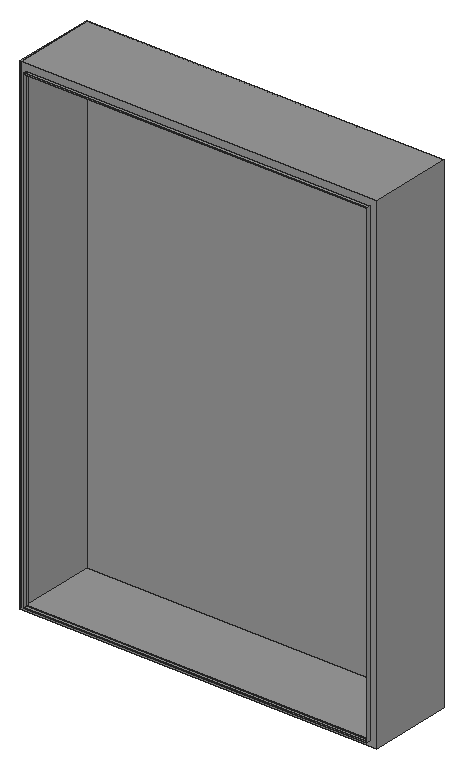
Revit family "Hager-Univers-IP30-D205-H1100-Cl.II-Encl-NoHosted-NL-en", category Equipement électrique, Revit 2020
Family settings
  Configuration du panneau = Deux colonnes, circuits au sein
  Cote de connecteur circulaire = Utiliser le diamètre
  Type d'élément = Tableau de raccordement
  Basée sur le plan de construction = Oui
  Toujours verticalement = Oui
  Couper avec des vides une fois chargée = Non
  Partagée = Non
  Point de calcul de pièce = Non
Parameters (values of type "Surface mounted (plaster) IP30 W800 H1100 D205  - FP73Q1S")
  Width Control [instance] = if([EF000008 - Width] > Min Width, [EF000008 - Width], Min Width)  # 800 mm
  Commentaires du type = [HG000003 - Range]  # "Univers"
  Thickness Door [instance] = if([EF009171 - Material plate thickness door/cover] > 3 mm, 3 mm, [EF009171 - Material plate thickness door/cover])  # 1 mm
  Seal Frame Offset [instance] = 17 mm  # constant formula
  Plinth Visibility [instance] = [HG000027 - Plinth height] > 0 mm  # no
  Min Width [instance] = 100 mm  # constant formula
  Min Depth [instance] = (2 * [EF009170 - Material plate thickness cabinet]) + 1 mm  # 3 mm
  Min Height [instance] = 100 mm  # constant formula
  Internal Frame Depth [instance] = (Door System Depth * 0.5)  # 9 mm
  Panel Name [instance] = ""  # (empty or 0)
  Model = ""
  HG000027 - Plinth height = 0 mm
  HG000026 - Floor standing = no
  HG000024 - Bottom section height = 600 mm
  HG000023 - Double section enclosure = no
  HG000016 - Door 3d visibility [instance] = yes
  HG000015 - Clearance visibility [instance] = no
  HG000014 - Door on the right [instance] = yes
  HG000013 - Door on the left [instance] = not([HG000014 - Door on the right])  # no
  HG000012 - Door swing angle [instance] = 30.00°
  HG000010 - Asymmetric doors = no
  HG000009 - Double swing door = no
  HG000006 - Flush mounted = no
  HG000004 - Manufacturer reference = "FP73Q1S"
  HG000003 - Range = "Univers"
  HG000002 - With door or cover = no
  Frame Offset Bottom [instance] = 10 mm  # constant formula
  Frame Offset [instance] = 15 mm  # constant formula
  EF015940 - Cover with overpressure release = no
  EF011959 - Degree of protection (NEMA) = ""
  EF009554 - Number of openings for flange plates = 6
  EF009212 - Cover model = "EV009916 - With notch"
  EF009171 - Material plate thickness door/cover = 1 mm
  EF009170 - Material plate thickness cabinet = 1 mm
  EF008873 - Nominal current (In) = 250 A
  EF007800 - Suitable for lightning protection = no
  EF006306 - With lock = no
  EF006244 - Transparent cover/door = no
  EF005474 - Degree of protection (IP) = "EV006410 - IP30"
  EF004464 - Type of door = "EV000494 - None"
  EF004427 - Number of modules = 252
  EF004293 - Impact strength = "EV006813 - IK07"
  EF003532 - Suitable for outdoor use = no
  EF002950 - Width in number of modular spacings = 36
  EF001613 - Circuit integrity = "EV000494 - None"
  EF001596 - Material housing = "EV000179 - Steel"
  EF001131 - Internal depth = 130 mm
  EF001088 - Extension possible = yes
  EF000437 - Number of conduit inlets = 6
  EF000339 - Type of cover = "EV000494 - None"
  EF000266 - Number of rows = 7
  EF000218 - Built-in depth = 0 mm
  EF000118 - With mounting plate = no
  EF000116 - RAL-number = "9010"
  EF000049 - Depth = 205 mm
  EF000040 - Height = 1100 mm
  EF000008 - Width = 800 mm
  EF000007 - Colour = "EV000202 - White"
  EF000003 - Mounting method = "EV000384 - Surface mounted (plaster)"
  Door System Leaf Tolerance [instance] = 1.5 mm  # constant formula
  Door System Depth [instance] = 18 mm  # constant formula
  Door Height [instance] = Height Control - [HG000027 - Plinth height]  # 1100 mm
  Description = ""
  Default Elevation = 1219.2 mm
  Connector Offset [instance] = Height Control / 2  # 550 mm
  Fabricant = "Hager"  # constant formula
  Height Control [instance] = if([EF000040 - Height] > Min Height, [EF000040 - Height], Min Height)  # 1100 mm
  Depth Control [instance] = if([EF000049 - Depth] > Min Depth, [EF000049 - Depth], Min Depth)  # 205 mm
  Bottom Top Plate Trim [instance] = 1.5 mm  # constant formula
  Plinth height Ctrl [instance] = if([HG000027 - Plinth height] > 0 mm, [HG000027 - Plinth height], 12 mm)  # 12 mm
Types (5, lengths in mm): name | Width Control | HG000004 - Manufacturer reference | EF009554 - Number of openings for flange plates | EF004427 - Number of modules | EF002950 - Width in number of modular spacings | EF000437 - Number of conduit inlets | EF000008 - Width
  Surface mounted (plaster) IP30 W1050 H1100 D205  - FP74Q1S | 1050 | "FP74Q1S" | 8 | 336 | 48 | 8 | 1050
  Surface mounted (plaster) IP30 W1300 H1100 D205  - FP75Q1S | 1300 | "FP75Q1S" | 10 | 420 | 60 | 10 | 1300
  Surface mounted (plaster) IP30 W300 H1100 D205  - FP71Q1S | 300 | "FP71Q1S" | 2 | 84 | 12 | 2 | 300
  Surface mounted (plaster) IP30 W550 H1100 D205  - FP72Q1S | 550 | "FP72Q1S" | 4 | 168 | 24 | 4 | 550
  Surface mounted (plaster) IP30 W800 H1100 D205  - FP73Q1S | 800 | "FP73Q1S" | 6 | 252 | 36 | 6 | 800
Reference planes
  plane 1 "Center (Front/Back)": y = 0
  plane 2: z = 0
  plane 3 "Center (Left/Right)": x = 0
  plane 4: y = 0
  plane 5: y = 0
  plane 6: z = 0
  plane 7: x = -400
  plane 8: x = 400
  plane 9: x = 399
  plane 10: x = -399
  plane 11: z = 0
  plane 12: z = 1
  plane 13: y = -205
  plane 14: y = -1
  plane 15: x = 0
  plane 16: y = -187
  plane 17: y = -204
  plane 18: y = -186
  plane 19: x = -384
  plane 20: x = 384
  plane 21: z = 11
  plane 22: x = -383
  plane 23: x = 383
  plane 24: z = 0
  plane 25: z = 1100
  plane 26: z = 1100
  plane 27: z = 1084
  plane 28: z = 1099
Forms (mm)
  Extrusion 1, solid, material "Hager_Steel_RAL7035_Light_Grey", detail levels medium+fine
    sketch origin (-208.679, -4572, 0) x (-1, 0, 0) y (0, -1, 0)
      loop
        line (191.321, -4385) -> (-608.679, -4385) -> (-608.679, -4572) -> (191.321, -4572) -> (191.321, -4385)
    from 0 to 1100
  Extrusion 2, void
    sketch origin (-350.771, -205, 1219.2) x (1, 0, 0) y (0, 0, 1)
      loop
        line (-48.229, -120.2) -> (-48.229, -1218.2) -> (749.771, -1218.2) -> (749.771, -120.2) -> (-48.229, -120.2)
    from -19 to -204
  Extrusion 3, void
    sketch origin (-290.084, -187, 1219.2) x (1, 0, 0) y (0, 0, 1)
      loop
        line (-93.916, -1208.2) -> (674.084, -1208.2) -> (674.084, -135.2) -> (-93.916, -135.2) -> (-93.916, -1208.2)
    from 0 to -1
  Extrusion 4, solid, material "Hager_Steel_RAL7035_Light_Grey", visible <- "Plinth Visibility", detail levels medium+fine
    sketch origin (0, 0, 0) x (1, 0, 0) y (0, 1, 0)
      loop
        line (-400, 0) -> (-400, -187) -> (400, -187) -> (400, 0) -> (-400, 0)
    from 0 to 12 <- "Plinth height Ctrl"
  Extrusion 5, solid, material "Hager_Steel_RAL7035_Light_Grey", detail levels coarse
    sketch origin (0, 0, 0) x (1, 0, 0) y (0, 1, 0)
      loop
        line (-400, 0) -> (-400, -205) -> (400, -205) -> (400, 0) -> (-400, 0)
    from 0 to 1100 <- "Height Control"
  Sweep 6, void
    path in 3D
      loop
        line (-400, -187, 12) -> (400, -187, 12) -> (400, 0, 12) -> (-400, 0, 12) -> (-400, -187, 12)
    profile origin (-400, -93.5, 12) x (1, 0, 0) y (0, 0, 1)
      loop
        line (0, 0) -> (0, -1.5) -> (1.5, -1.5)
        arc (1.5, -1.5) -> (1.061, -0.439) -> (0, 0) r 1.5
  Extrusion 7, solid, material "Hager_Steel_RAL7035_Light_Grey", detail levels fine
    sketch origin (-400, -187, 0) x (1, 0, 0) y (0, 0, 1)
      loop
        line (16, 11) -> (784, 11) -> (784, 1084) -> (16, 1084) -> (16, 11)
      loop
        line (15, 10) -> (785, 10) -> (785, 1085) -> (15, 1085) -> (15, 10)
    from 0 to 9 <- "Internal Frame Depth"
Cuts and joins
  Extrusion 2, Extrusion 3 cuts Extrusion 1
  Sweep 6 cuts Extrusion 4
Lines and regions (mm)
  Masking region 1
    outline origin (0, 0, 0) x (1, 0, 0) y (0, 1, 0)
      loop
        line (-400, 0) -> (-400, -205) -> (400, -205) -> (400, 0) -> (-400, 0)
  Masking region 2, detail levels coarse
    outline origin (-290.084, -187, 1219.2) x (-1, 0, 0) y (0, 0, 1)
      loop
        line (-690.084, -1219.2) -> (109.916, -1219.2) -> (109.916, -119.2) -> (-690.084, -119.2) -> (-690.084, -1219.2)
  Masking region 3, detail levels coarse
    outline origin (0, 0, 0) x (0, 1, 0) y (0, 0, 1)
      loop
        line (0, 0) -> (0, 1100) -> (-205, 1100) -> (-205, 0) -> (0, 0)
  Masking region 4, visible <- "Plinth Visibility", detail levels medium+fine
    outline origin (0, 0, 0) x (0, 1, 0) y (0, 0, 1)
      loop
        line (-1.5, 12) -> (-185.5, 12)
        arc (-185.5, 12) -> (-185.939, 10.939) -> (-187, 10.5) r 1.5
        line (-187, 10.5) -> (-187, 0) -> (0, 0) -> (0, 10.5)
        arc (0, 10.5) -> (-1.061, 10.939) -> (-1.5, 12) r 1.5
  Masking region 5, detail levels medium+fine
    outline origin (0, 0, 594.038) x (0, 1, 0) y (0, 0, 1)
      loop
        line (0, -594.038) -> (0, 505.962) -> (-187, 505.962) -> (-187, -594.038) -> (0, -594.038)
  Masking region 6, detail levels medium+fine
    outline origin (-359.7, -187, 1211.883) x (-1, 0, 0) y (0, 0, 1)
      loop
        line (-759.7, -1211.883) -> (40.3, -1211.883) -> (40.3, -111.883) -> (-759.7, -111.883) -> (-759.7, -1211.883)
  Masking region 7, visible <- "Plinth Visibility", detail levels medium+fine
    outline origin (-320.334, -187, 1041.368) x (-1, 0, 0) y (0, 0, 1)
      loop
        line (-720.334, -1041.368) -> (79.666, -1041.368) -> (79.666, -1030.868)
        arc (79.666, -1030.868) -> (78.606, -1030.429) -> (78.166, -1029.368) r 1.5
        line (78.166, -1029.368) -> (-718.834, -1029.368)
        arc (-718.834, -1029.368) -> (-719.273, -1030.429) -> (-720.334, -1030.868) r 1.5
        line (-720.334, -1030.868) -> (-720.334, -1041.368)
  sketch lines
    curve 1: line (-400, 0, 12) -> (-400, -187, 12)
    curve 2: line (-400, -187, 12) -> (400, -187, 12)
    curve 3: line (400, 0, 12) -> (-400, 0, 12)
    curve 4: line (400, -187, 12) -> (400, 0, 12)
Dimensions and locks
  locked: plane 1 "Center (Front/Back)" to plane 5
  "EF009170 - Material plate thickness cabinet": plane 7 to plane 10
  "EF009170 - Material plate thickness cabinet": plane 8 to plane 9
  equal spacing: plane 7, plane 3 "Center (Left/Right)", plane 8
  "Width Control": plane 7 to plane 8
  "Depth Control": plane 4 to plane 13
  "EF009170 - Material plate thickness cabinet": plane 4 to plane 14
  "Height Control": plane 25 to level
  "HG000027 - Plinth height": plane 11 to level
  "EF009170 - Material plate thickness cabinet": plane 12 to plane 11
  "EF009170 - Material plate thickness cabinet": plane 17 to plane 13
  "EF009170 - Material plate thickness cabinet": plane 18 to plane 16
  "Frame Offset Bottom": plane 21 to plane 12
  "Frame Offset": plane 10 to plane 19
  "Frame Offset": plane 9 to plane 20
  "Door System Depth": plane 16 to plane 13
  "Seal Frame Offset": plane 7 to plane 22
  "Seal Frame Offset": plane 8 to plane 23
  "EF009170 - Material plate thickness cabinet": plane 26 to plane 28
  "Frame Offset": plane 28 to plane 27
  "Connector Offset": plane 2 to connector elem
  "Bottom Top Plate Trim": profile plane to Sweep 6 sketch curve
  "Bottom Top Plate Trim": Sweep 6 sketch curve to Sweep 6 sketch curve
  "Plinth height Ctrl": Masking region 4 sketch curve to level
  "Plinth height Ctrl": Masking region 7 sketch curve to level
  "Thickness Door": Extrusion 7 sketch curve to Extrusion 7 sketch curve  (x4)
  "Bottom Top Plate Trim": radius of Sweep 6 sketch curve
  "Bottom Top Plate Trim": radius of Masking region 4 sketch curve  (x2)
  "Bottom Top Plate Trim": radius of Masking region 7 sketch curve  (x2)
  aligned and locked: Extrusion 2 sketch curve to plane 12
  aligned and locked: Extrusion 2 sketch curve to plane 9
  aligned and locked: Extrusion 2 sketch curve to plane 10
  aligned and locked: Extrusion 2 to plane 14
  aligned and locked: Extrusion 1 sketch curve to plane 4
  aligned and locked: plane 8 to Extrusion 1 sketch curve
  aligned and locked: plane 7 to Extrusion 1 sketch curve
  aligned and locked: Extrusion 2 to plane 18
  aligned and locked: Extrusion 3 sketch curve to plane 19
  aligned and locked: plane 20 to Extrusion 3 sketch curve
  aligned and locked: Extrusion 3 to Extrusion 2
  aligned and locked: Extrusion 3 sketch curve to plane 21
  aligned and locked: plane 3 "Center (Left/Right)" to nested 1
  aligned and locked: Extrusion 1 sketch curve to plane 16
  aligned and locked: Extrusion 4 sketch curve to cut or joined group of Extrusion 1, Extrusion 2, Extrusion 3
  aligned and locked: Masking region 1 sketch curve to plane 7
  aligned and locked: Masking region 1 sketch curve to plane 5
  aligned and locked: Masking region 1 sketch curve to plane 8
  aligned and locked: Masking region 2 sketch curve to level
  aligned and locked: level to Masking region 3 sketch curve
  aligned and locked: plane 1 "Center (Front/Back)" to Masking region 3 sketch curve
  aligned and locked: plane 13 to Masking region 3 sketch curve
  aligned and locked: plane 5 to Masking region 4 sketch curve
  aligned and locked: Masking region 2 sketch curve to plane 8
  aligned and locked: Masking region 2 sketch curve to plane 7
  aligned and locked: plane 7 to nested 2
  aligned and locked: nested 2 to plane 5
  aligned and locked: plane 5 to Masking region 5 sketch curve
  aligned and locked: plane 26 to Masking region 5 sketch curve
  aligned and locked: Extrusion 5 sketch curve to plane 8
  aligned and locked: Extrusion 5 sketch curve to plane 7
  aligned and locked: Extrusion 5 sketch curve to plane 5
  aligned and locked: Extrusion 3 sketch curve to plane 27
  aligned and locked: Extrusion 2 sketch curve to plane 28
  aligned and locked: Masking region 2 to plane 25
  aligned and locked: Extrusion 4 to plane 16
  aligned and locked: profile plane to Sweep 6 sketch curve
  aligned and locked: Masking region 5 sketch curve to plane 24
  aligned and locked: level to Masking region 4 sketch curve
  aligned and locked: Masking region 1 to plane 13
  aligned and locked: nested 1 to plane 16
  aligned and locked: Masking region 3 to plane 25
  aligned and locked: plane 16 to Masking region 4 sketch curve
  aligned and locked: Masking region 5 sketch curve to plane 16
  aligned and locked: plane 24 to plane 11
  aligned and locked: plane 26 to plane 25
  aligned and locked: plane 26 to cut or joined group of Extrusion 1, Extrusion 2, Extrusion 3
  aligned and locked: nested 1 to plane 24
  aligned and locked: Extrusion 1 to Extrusion 3
  aligned and locked: Masking region 6 sketch curve to plane 8
  aligned and locked: Masking region 6 sketch curve to plane 24
  aligned and locked: Masking region 6 sketch curve to plane 7
  aligned and locked: Masking region 6 sketch curve to plane 26
  aligned and locked: Masking region 7 sketch curve to plane 7
  aligned and locked: level to Masking region 7 sketch curve
  aligned and locked: Masking region 7 sketch curve to plane 8
  aligned and locked: Extrusion 7 sketch curve to cut or joined group of Extrusion 1, Extrusion 2, Extrusion 3  (x4)
Automatic sketch dimensions
  plane 19 to Extrusion 3 sketch curve = 0 mm
  Extrusion 3 sketch curve to plane 20 = 0 mm
  Extrusion 3 sketch curve to plane 21 = 0 mm
  Extrusion 4 sketch curve to plane 7 = 0 mm
  Extrusion 4 sketch curve to plane 8 = 0 mm
  Extrusion 4 sketch curve to plane 16 = 0 mm
  Masking region 1 sketch curve to plane 13 = 0 mm
  Masking region 2 sketch curve to plane 25 = 0 mm
  Masking region 3 sketch curve to plane 25 = 0 mm
  Extrusion 5 sketch curve to plane 13 = 0 mm
  profile plane to Sweep 6 sketch curve = 0 mm
Nested families
  nested 1: "EC000058_Univers_Door" at (0, -187, 0), Double <- "HG000009 - Double swing door", Transparent <- "EF006244 - Transparent cover/door", Angle <- "HG000012 - Door swing angle", Door_Right <- "HG000014 - Door on the right", Assymetrical <- "HG000010 - Asymmetric doors", Door <- "HG000002 - With door or cover", Width_Ctrl <- "Width Control", 3d_Door <- "HG000016 - Door 3d visibility", Clearance <- "HG000015 - Clearance visibility", Door_Left <- "HG000013 - Door on the left", Width <- "Width Control", Door_Depth <- "Door System Depth", Leaf_Tolerance <- "Door System Leaf Tolerance", Height <- "Door Height", Lock_Visibility <- "EF006306 - With lock", Thickness <- "Thickness Door", type "EC000058_Univers_Door", detail levels medium+fine
    with min_wh 3 mm, Width_Ctrl 800 mm, Width 800 mm, Transparent no, Thickness 1 mm, Seal_Material Hager_Rubber, Lock_Visibility no, Lock_Material Hager_Plastic_RAL9005_Jet_Black, Leaf_Width 800 mm, Leaf_Tolerance_External_Sides 0 mm, Leaf_Tolerance 1.5 mm, Leaf_Offset 0 mm, Leaf_Height 1097 mm, Leaf_2_Width 800 mm, Leaf_2_Offset 400 mm, Leaf_1_Width 800 mm, Leaf_1_Offset 400 mm, Height_Ctrl 1100 mm, Height 1100 mm, Glass_Material Hager_Glass, Double_Clearance_Ctrl no, Double no, Door_Right_Ctrl no, Door_Right yes, Door_Material Hager_Steel_RAL7035_Light_Grey, Door_Left_Ctrl no, Door_Left no, Door_Depth 18 mm, Door no, Clearance_Material Hager_Clearance, Clearance_Depth 800 mm, Clearance_Ctrl no, Clearance no, Assymetrical no, Angle 30.00°, 3d_Door yes
  nested 2: "Hager_Enclosure_Symbol" at (-400, 0, 0), Height <- "Depth Control", Width <- "Width Control", type "Hager_Enclosure_Symbol"
    with Width_Ctrl 800 mm, Width 800 mm, Height_Ctrl 205 mm, Height 205 mm, A_Width_Int 13.453 mm, A_Width 161.438 mm, A_Height_Ctrl 179.375 mm, A_Height 179.375 mm
Connectors
  electrical at (0, 0, 550)
    settings: on plane 1 "Center (Front/Back)", index 1, voltage 0 V, apparent load 0 VA, apparent load phase1 0 VA, apparent load phase2 0 VA, apparent load phase3 0 VA, power factor 1, load classification "Other", number of poles 1, system type 30, power factor state 1, is connector primary yes, connector utility no, sub classification motor no, connector description ""
Definition of nested family "EC000058_Univers_Door"
  Parameters (values of type "EC000058_Univers_Door")
    min_wh [instance] = (2 * Thickness) + 1 mm  # 11 mm
    Width_Ctrl [instance] = 400 mm
    Width [instance] = 500 mm
    Transparent [instance] = yes
    Thickness [instance] = 5 mm
    Seal_Material [instance] = none
    Lock_Visibility [instance] = yes
    Lock_Material [instance] = none
    Leaf_Width [instance] = if((Width_Ctrl - 2 * Leaf_Tolerance_External_Sides) > 0 mm, (Width_Ctrl - 2 * Leaf_Tolerance_External_Sides), min_wh)  # 400 mm
    Leaf_Tolerance_External_Sides [instance] = 0 mm  # constant formula
    Leaf_Tolerance [instance] = 1.5 mm
    Leaf_Offset [instance] = 0 mm  # constant formula
    Leaf_Height [instance] = if((Height_Ctrl - 2 * Leaf_Tolerance) > 0 mm, (Height_Ctrl - 2 * Leaf_Tolerance), min_wh)  # 497 mm
    Leaf_2_Width [instance] = if(and(and(Double, Assymetrical), Door_Left), (Leaf_Width / 3) - (Leaf_Tolerance / 2), if(and(and(Double, Assymetrical), Door_Right), (Leaf_Width / 3) * 2 - (Leaf_Tolerance / 2), if(and(Double, not(Assymetrical)), (Leaf_Width / 2) - Leaf_Tolerance, Leaf_Width)))  # 400 mm
    Leaf_2_Offset [instance] = if(and(Double, Assymetrical), Leaf_2_Width / 2, if(and(Double, not(Assymetrical)), Leaf_Width / 4, Leaf_Width / 2))  # 200 mm
    Leaf_1_Width [instance] = if(and(and(Double, Assymetrical), Door_Right), (Leaf_Width / 3) - (Leaf_Tolerance / 2), if(and(and(Double, Assymetrical), Door_Left), (Width / 3) * 2 - (Leaf_Tolerance / 2), if(and(Double, not(Assymetrical)), (Leaf_Width / 2) - Leaf_Tolerance, Leaf_Width)))  # 400 mm
    Leaf_1_Offset [instance] = if(and(Double, Assymetrical), Leaf_1_Width / 2, if(and(Double, not(Assymetrical)), Leaf_Width / 4, Leaf_Width / 2))  # 200 mm
    Height_Ctrl [instance] = if(Height > min_wh, Height, min_wh)  # 500 mm
    Height [instance] = 500 mm
    Glass_Material [instance] = none
    Double_Clearance_Ctrl [instance] = and(Double, Clearance)  # no
    Double [instance] = no
    Door_Right_Ctrl [instance] = and(or(Door_Right, Double), Door)  # yes
    Door_Right [instance] = yes
    Door_Material [instance] = none
    Door_Left_Ctrl [instance] = and(or(Door_Left, Double), Door)  # no
    Door_Left [instance] = no
    Door_Depth [instance] = 30 mm
    Door [instance] = yes
    Default Elevation = 1219.2 mm
    Clearance_Material [instance] = none
    Clearance_Depth [instance] = if(Leaf_1_Width > Leaf_2_Width, Leaf_1_Width, Leaf_2_Width)  # 400 mm
    Clearance_Ctrl [instance] = and(not(Double), Clearance)  # yes
    Clearance [instance] = yes
    Assymetrical [instance] = yes
    Angle [instance] = 30.00°
    3d_Door [instance] = yes
  Reference planes
    plane 1 "Center (Front/Back)": y = 0
    plane 2 "Bottom": z = 0
    plane 3 "Center (Left/Right)": x = 0
    plane 4: z = 500
    plane 5: x = -200
    plane 6: x = 200
    plane 7: z = 500
    plane 8: x = -200
    plane 9: z = 0
    plane 10: x = 200
    plane 11: y = 0
    plane 12: z = 1.5
    plane 13: x = -600
    plane 14: y = -400
    plane 15: x = 600
    plane 16: x = 0
    plane 17: x = 0
    plane 18: x = -200
    plane 19: x = 200
    plane 20: z = 498.5
  Forms (mm)
    Extrusion 1, solid, material <- "Clearance_Material", visible <- "Double_Clearance_Ctrl"
      sketch origin (1200, 0, 0) x (1, 0, 0) y (0, 0, -1)
        loop
          line (-1800, -498.5) -> (-600, -498.5) -> (-600, 0) -> (-1800, 0) -> (-1800, -498.5)
      from 0 to -400
  Dimensions and locks
    equal spacing: plane 5, plane 3 "Center (Left/Right)", plane 6
    "Width_Ctrl": plane 5 to plane 6
    "Leaf_Offset": plane 5 to plane 8
    "Leaf_Offset": plane 6 to plane 10
    "Leaf_Offset": plane 9 to level
    "Leaf_Offset": plane 4 to plane 7
    "Height_Ctrl": plane 4 to level
    "Leaf_Tolerance": plane 12 to plane 9
    locked: plane 11 to plane 1 "Center (Front/Back)"
    "Leaf_1_Offset": plane 18 to plane 16
    "Leaf_2_Offset": plane 17 to plane 19
    "Leaf_1_Width": plane 13 to plane 8
    "Leaf_2_Width": plane 10 to plane 15
    "Clearance_Depth": plane 14 to plane 1 "Center (Front/Back)"
    "Leaf_Tolerance_External_Sides": plane 8 to plane 18
    "Leaf_Tolerance_External_Sides": plane 19 to plane 10
    "Leaf_Tolerance": plane 7 to plane 20
    aligned and locked: level to plane 2 "Bottom"
    aligned and locked: nested 1 to plane 16
    aligned and locked: nested 2 to plane 17
    aligned and locked: Extrusion 1 to plane 13
    aligned and locked: plane 15 to Extrusion 1
    aligned and locked: Extrusion 1 to plane 14
    aligned and locked: plane 12 to nested 1
    aligned and locked: nested 2 to plane 12
    aligned and locked: Extrusion 1 to plane 11
    aligned and locked: plane 20 to Extrusion 1
    aligned and locked: nested 2 to plane 11
    aligned and locked: nested 1 to plane 11
  Automatic sketch dimensions
    Extrusion 1 sketch curve to level = 0 mm
    plane 5 to Extrusion 1 sketch curve = 400 mm
    plane 6 to Extrusion 1 sketch curve = 400 mm
    Extrusion 1 sketch curve to plane 4 = 1.5 mm
  Nested families
    nested 1: "EC000058_Univers_Door_Leaf" at (0, 0, 1.5), Width <- "Leaf_1_Width", visible <- "Door_Left_Ctrl", Leaf_Height <- "Leaf_Height", Angle <- "Angle", 3d_Door <- "3d_Door", Transparent <- "Transparent", Clearance Material <- "Clearance_Material", Clearance <- "Clearance_Ctrl", Door_Material <- "Door_Material", Glass_Material <- "Glass_Material", Door_Depth <- "Door_Depth", Lock_Material <- "Lock_Material", Seal_Material <- "Seal_Material", Lock_Visibility <- "Lock_Visibility", Thickness <- "Thickness", type "EC000058_Univers_Door_Leaf"
      with Width 400 mm, Transparent_Glass_Offset 30 mm, Transparent_Ctrl yes, Transparent yes, Thickness 5 mm, Standard no, Seal_Material none, Seal_D2 8 mm, Seal_D1 1 mm, Offset_Internal_Frame 10 mm, Lock_Width 20 mm, Lock_Visibility_3d yes, Lock_Visibility yes, Lock_Thickness_3 3 mm, Lock_Thickness_2 1 mm, Lock_Thickness_1 3 mm, Lock_Radius_Offset_2 16 mm, Lock_Radius_Offset_1 15 mm, Lock_Radius_2 5 mm, Lock_Radius 6 mm, Lock_Offset 5 mm, Lock_Material none, Lock_Height 80 mm, Lock_Cover_Top_Offset_2d 17 mm, Lock_Cover_Height -65 mm, Leaf_Height 497 mm, Internal_Seal_Thickness 8 mm, Internal_Seal_Depth_2 4.5 mm, Internal_Frame_Depth 25 mm, Glass_Thickness -1 mm, Glass_Offset -2 mm, Glass_Material none, Door_Material none, Door_Depth 30 mm, Clearance Material none, Clearance yes, Angle_Ctrl 30.00°, Angle 30.00°, 3d_Door yes
    nested 2: "EC000058_Univers_Door_Leaf" at (0, 0, 1.5) x (-1, 0, 0) z (0, 0, 1), Width <- "Leaf_2_Width", visible <- "Door_Right_Ctrl", Leaf_Height <- "Leaf_Height", Angle <- "Angle", 3d_Door <- "3d_Door", Transparent <- "Transparent", Clearance Material <- "Clearance_Material", Clearance <- "Clearance_Ctrl", Door_Material <- "Door_Material", Glass_Material <- "Glass_Material", Door_Depth <- "Door_Depth", Lock_Material <- "Lock_Material", Seal_Material <- "Seal_Material", Lock_Visibility <- "Lock_Visibility", Thickness <- "Thickness", type "EC000058_Univers_Door_Leaf"
      with Width 400 mm, Transparent_Glass_Offset 30 mm, Transparent_Ctrl yes, Transparent yes, Thickness 5 mm, Standard no, Seal_Material none, Seal_D2 8 mm, Seal_D1 1 mm, Offset_Internal_Frame 10 mm, Lock_Width 20 mm, Lock_Visibility_3d yes, Lock_Visibility yes, Lock_Thickness_3 3 mm, Lock_Thickness_2 1 mm, Lock_Thickness_1 3 mm, Lock_Radius_Offset_2 16 mm, Lock_Radius_Offset_1 15 mm, Lock_Radius_2 5 mm, Lock_Radius 6 mm, Lock_Offset 5 mm, Lock_Material none, Lock_Height 80 mm, Lock_Cover_Top_Offset_2d 17 mm, Lock_Cover_Height -65 mm, Leaf_Height 497 mm, Internal_Seal_Thickness 8 mm, Internal_Seal_Depth_2 4.5 mm, Internal_Frame_Depth 25 mm, Glass_Thickness -1 mm, Glass_Offset -2 mm, Glass_Material none, Door_Material none, Door_Depth 30 mm, Clearance Material none, Clearance yes, Angle_Ctrl 30.00°, Angle 30.00°, 3d_Door yes
  Definition of nested family "EC000058_Univers_Door_Leaf"
    Parameters (values of type "EC000058_Univers_Door_Leaf")
      Width [instance] = 2000 mm
      Transparent_Glass_Offset [instance] = 30 mm
      Transparent_Ctrl [instance] = and(Transparent, [3d_Door])  # yes
      Transparent [instance] = yes
      Thickness [instance] = 5 mm
      Standard [instance] = and(not(Transparent), [3d_Door])  # no
      Seal_Material [instance] = none
      Seal_D2 [instance] = 8 mm  # constant formula
      Seal_D1 [instance] = 1 mm  # constant formula
      Offset_Internal_Frame [instance] = 10 mm  # constant formula
      Lock_Width [instance] = 20 mm  # constant formula
      Lock_Visibility_3d [instance] = and(Lock_Visibility, [3d_Door])  # yes
      Lock_Visibility [instance] = yes
      Lock_Thickness_3 [instance] = 3 mm  # constant formula
      Lock_Thickness_2 [instance] = 1 mm  # constant formula
      Lock_Thickness_1 [instance] = 3 mm  # constant formula
      Lock_Radius_Offset_2 [instance] = Lock_Radius_Offset_1 + 1 mm  # 16 mm
      Lock_Radius_Offset_1 [instance] = 15 mm  # constant formula
      Lock_Radius_2 [instance] = Lock_Radius - 1 mm  # 5 mm
      Lock_Radius [instance] = 6 mm  # constant formula
      Lock_Offset [instance] = 5 mm  # constant formula
      Lock_Material [instance] = none
      Lock_Height [instance] = 80 mm  # constant formula
      Lock_Cover_Top_Offset_2d [instance] = Lock_Radius_Offset_2 + 1 mm  # 17 mm
      Lock_Cover_Height [instance] = -(Lock_Height - Lock_Radius_Offset_1)  # -65 mm
      Leaf_Height [instance] = 2720.336 mm
      Internal_Seal_Thickness [instance] = 8 mm  # constant formula
      Internal_Seal_Depth_2 [instance] = 4.5 mm  # constant formula
      Internal_Frame_Depth [instance] = if(Door_Depth - Thickness > 5 mm, Door_Depth - Thickness, 5 mm)  # 25 mm
      Glass_Thickness [instance] = if(Thickness > 15 mm, Glass_Offset + 10 mm, -1 mm)  # -1 mm
      Glass_Offset [instance] = if(Thickness > 15 mm, -(Thickness + 10 mm) / 2, -2 mm)  # -2 mm
      Glass_Material [instance] = none
      Door_Material [instance] = none
      Door_Depth [instance] = 30 mm
      Default Elevation = 0 mm
      Clearance Material [instance] = none
      Clearance [instance] = yes
      Angle_Ctrl [instance] = if(Angle > 180.00°, 180.00°, Angle)  # 90.00°
      Angle [instance] = 90.00°
      3d_Door [instance] = yes
    Reference planes
      plane 1 "Center (Front/Back)": y = 0
      plane 2: z = 0
      plane 3 "Center (Left/Right)": x = 0
      plane 4: y = 2000
      plane 5: x = -1000
      plane 6: x = 1000
      plane 7: x = -3000
      plane 8: z = 2720.336
      plane 9: z = 30
      plane 10: z = 2690.336
      plane 11: x = 970
      plane 12: x = -970
      plane 13: y = -3
      plane 14: z = 107.833
      plane 15: y = -5
      plane 16: y = -223.314
      plane 17: x = -1000
      plane 18: z = 1360.168
      plane 19: y = 30
    Forms (mm)
      Extrusion 1, solid, material <- "Clearance Material", visible <- "Clearance"
        sketch origin (0, 0, 0) x (1, 0, 0) y (0, 0, 1)
          loop
            line (-3000, 2720.336) -> (-3000, 0) -> (1000, 0) -> (1000, 2720.336) -> (-3000, 2720.336)
        from 0 to -2000
      Extrusion 2, solid, material <- "Door_Material", visible <- "Standard", detail levels medium+fine
        sketch origin (-1000, 0, 0) x (0, 1, 0) y (-1, 0, 0)
          loop
            line (0, 30) -> (0, 25) -> (2000, 25) -> (2000, 30) -> (0, 30)
        from 0 to 2720.336 <- "Leaf_Height"
      Extrusion 3, solid, material <- "Door_Material", visible <- "Transparent_Ctrl", detail levels medium+fine
        sketch origin (-1000, 0, 0) x (0, 1, 0) y (-1, 0, 0)
          loop
            line (0, 25) -> (2000, 25) -> (2000, 30) -> (0, 30) -> (0, 25)
        from 0 to 2720.336 <- "Leaf_Height"
      Extrusion 4, void
        sketch origin (-1025, 2000, 0) x (0, 1, 0) y (0, 0, -1)
          loop
            line (-30, -2690.336) -> (-30, -30) -> (-1970, -30) -> (-1970, -2690.336) -> (-30, -2690.336)
        from 0 to 5 <- "Thickness"
      Sweep 5, solid, material <- "Seal_Material", visible <- "Transparent_Ctrl", detail levels fine
        path in 3D
          loop
            line (-1025, 30, 30) -> (-1025, 30, 2690.336) -> (-1025, 1970, 2690.336) -> (-1025, 1970, 30) -> (-1025, 30, 30)
        profile origin (-1025, 1000, 30) x (1, 0, 0) y (0, 0, 1)
          loop
            line (0, 0) -> (0, -8) -> (1, -8) -> (1, 0) -> (0, 0)
      Extrusion 6, solid, material <- "Glass_Material", visible <- "Transparent_Ctrl", detail levels medium+fine
        sketch origin (-1030, 0, 0) x (0, 1, 0) y (0, 0, -1)
          loop
            line (1970, -2690.336) -> (1970, -30) -> (30, -30) -> (30, -2690.336) -> (1970, -2690.336)
        from -2 <- "Glass_Offset" to -1 <- "Glass_Thickness"
      Extrusion 7, solid, material <- "Door_Material", visible <- "3d_Door", detail levels medium+fine
        sketch origin (-1025, 2000, 0) x (0, -1, 0) y (0, 0, -1)
          loop
            line (0, -2720.336) -> (2000, -2720.336) -> (2000, 0) -> (0, 0) -> (0, -2720.336)
          loop
            line (1995, -5) -> (5, -5) -> (5, -2715.336) -> (1995, -2715.336) -> (1995, -5)
        from 0 to 25 <- "Internal_Frame_Depth"
      Sweep 8, solid, material <- "Seal_Material", visible <- "Transparent_Ctrl", detail levels fine
        path in 3D
          loop
            line (-1025, 0, 0) -> (-1025, 2000, 0) -> (-1025, 2000, 2720.336) -> (-1025, 0, 2720.336) -> (-1025, 0, 0)
        profile origin (-1025, 0, 1360.168) x (1, 0, 0) y (0, 1, 0)
          loop
            line (0, 10) -> (2.975, 10)
            arc (2.975, 10) -> (4.053, 10.447) -> (4.5, 11.525) r 1.525
            line (4.5, 11.525) -> (4.5, 16.527)
            arc (4.5, 16.527) -> (4.069, 17.569) -> (3.027, 18) r 1.473
            line (3.027, 18) -> (0, 18) -> (0, 10)
      Extrusion 9, solid, material <- "Lock_Material", visible <- "Lock_Visibility_3d", detail levels fine
        sketch origin (-1030, 0, 0) x (0, 1, 0) y (0, 0, -1)
          loop
            arc (1993.5, -1400.168) -> (1994.561, -1399.729) -> (1995, -1398.668) r 1.5
            line (1995, -1398.668) -> (1995, -1320.168) -> (1975, -1320.168) -> (1975, -1398.668)
            arc (1975, -1398.668) -> (1975.439, -1399.729) -> (1976.5, -1400.168) r 1.5
            line (1976.5, -1400.168) -> (1993.5, -1400.168)
        from 3 <- "Lock_Thickness_1" to 0
      Blend 10, solid, material <- "Lock_Material", visible <- "Lock_Visibility_3d", detail levels fine
        base sketch origin (-1033, 0, 0) x (0, 1, 0) y (0, 0, -1)
          loop
            line (1975, -1320.168) -> (1975, -1398.668)
            arc (1975, -1398.668) -> (1975.439, -1399.729) -> (1976.5, -1400.168) r 1.5
            line (1976.5, -1400.168) -> (1993.5, -1400.168)
            arc (1993.5, -1400.168) -> (1994.561, -1399.729) -> (1995, -1398.668) r 1.5
            line (1995, -1398.668) -> (1995, -1320.168) -> (1975, -1320.168)
        top sketch origin (-1033, 0, 0) x (0, 1, 0) y (0, 0, -1)
          loop
            line (1976, -1320.168) -> (1976, -1398.668)
            arc (1976, -1398.668) -> (1976.146, -1399.022) -> (1976.5, -1399.168) r 0.5
            line (1976.5, -1399.168) -> (1993.5, -1399.168)
            arc (1993.5, -1399.168) -> (1993.854, -1399.022) -> (1994, -1398.668) r 0.5
            line (1994, -1398.668) -> (1994, -1320.168) -> (1976, -1320.168)
        from 0 to 1 <- "Lock_Thickness_2"
      Blend 11, solid, material <- "Lock_Material", visible <- "Lock_Visibility_3d", detail levels fine
        base sketch origin (-1034, 0, 0) x (0, 1, 0) y (0, 0, -1)
          loop
            line (1978, -1320.168) -> (1978, -1384.168)
            arc (1978, -1384.168) -> (1985, -1391.168) -> (1992, -1384.168) r 7
            line (1992, -1384.168) -> (1992, -1320.168) -> (1978, -1320.168)
        top sketch origin (-1034, 0, 0) x (0, 1, 0) y (0, 0, -1)
          loop
            line (1991, -1320.168) -> (1979, -1320.168) -> (1979, -1383.168)
            arc (1979, -1383.168) -> (1985, -1389.168) -> (1991, -1383.168) r 6
            line (1991, -1383.168) -> (1991, -1320.168)
        from 0 to 3 <- "Lock_Thickness_3"
      Extrusion 12, solid, material <- "Lock_Material", visible <- "Lock_Visibility_3d", detail levels fine
        sketch origin (-1030, 1975, 1320.168) x (1, 0, 0) y (0, -1, 0)
          loop
            line (-7, -19) -> (-7, -1) -> (0, -1) -> (0, 0) -> (-8, 0) -> (-8, -20) -> (0, -20) -> (0, -19) -> (-7, -19)
        from 0 to -65 <- "Lock_Cover_Height"
      Extrusion 13, void
        sketch origin (-1038, 1995, 1320.168) x (-1, 0, 0) y (0, 0, -1)
          loop
            line (-5, -65) -> (0, -65) -> (-5, -60) -> (-5, -65)
        from 0 to 20 <- "Lock_Width"
      Extrusion 14, void
        sketch origin (-1038, 1975, 1320.168) x (0, -1, 0) y (0, 0, -1)
          loop
            circle (-10, -15.995) r 6
          loop
            circle (-10, -15.995) r 5
        from 0 to 2
      Extrusion 15, solid, material <- "Lock_Material", visible <- "Lock_Visibility_3d", detail levels medium
        sketch origin (-1030, 0, 0) x (0, 1, 0) y (0, 0, -1)
          loop
            arc (1993.5, -1400.168) -> (1994.561, -1399.729) -> (1995, -1398.668) r 1.5
            line (1995, -1398.668) -> (1995, -1320.168) -> (1975, -1320.168) -> (1975, -1398.668)
            arc (1975, -1398.668) -> (1975.439, -1399.729) -> (1976.5, -1400.168) r 1.5
            line (1976.5, -1400.168) -> (1993.5, -1400.168)
        from 8 to 0
    Cuts and joins
      Extrusion 4 cuts Extrusion 3
      Extrusion 13, Extrusion 14 cuts Extrusion 9
      Extrusion 14 cuts Blend 11
      Extrusion 13, Extrusion 14 cuts Extrusion 12
      joined: Extrusion 9, Blend 10, Blend 11, Extrusion 12
      Extrusion 14 cuts Extrusion 15
    Lines and regions (mm)
      Masking region 1, visible <- "Lock_Visibility", detail levels fine
        outline origin (0, 0, 0) x (0, 1, 0) y (0, 0, 1)
          loop
            line (30, 1320.168) -> (33, 1320.168) -> (33, 1400.168) -> (30, 1400.168) -> (30, 1320.168)
      Masking region 2, visible <- "Lock_Visibility", detail levels fine
        outline origin (0, 3.143, 0) x (0, 1, 0) y (0, 0, 1)
          loop
            line (29.857, 1354.168) -> (30.857, 1354.168) -> (30.857, 1366.168) -> (29.857, 1366.168) -> (29.857, 1354.168)
      Masking region 3, detail levels medium+fine
        outline origin (0, 0, 0) x (0, 1, 0) y (0, 0, 1)
          loop
            line (0, 0) -> (30, 0) -> (30, 2720.336) -> (0, 2720.336) -> (0, 0)
      Masking region 4, detail levels medium+fine
        outline origin (0, 0, 0) x (1, 0, 0) y (0, 0, 1)
          loop
            line (-1000, 2720.336) -> (-1000, 0) -> (1000, 0) -> (1000, 2720.336) -> (-1000, 2720.336)
      Masking region 5, visible <- "Lock_Visibility", detail levels fine
        outline origin (-47.116, 0, 0) x (1, 0, 0) y (0, 0, 1)
          loop
            arc (1024.616, 1399.168) -> (1023.556, 1398.729) -> (1023.116, 1397.668) r 1.5
            line (1023.116, 1397.668) -> (1023.116, 1320.168) -> (1041.116, 1320.168) -> (1041.116, 1397.668)
            arc (1041.116, 1397.668) -> (1040.677, 1398.729) -> (1039.616, 1399.168) r 1.5
            line (1039.616, 1399.168) -> (1024.616, 1399.168)
      Masking region 6, visible <- "Lock_Visibility", detail levels medium+fine
        outline origin (-25, 0, 0) x (1, 0, 0) y (0, 0, 1)
          loop
            arc (1001.5, 1400.168) -> (1000.439, 1399.729) -> (1000, 1398.668) r 1.5
            line (1000, 1398.668) -> (1000, 1320.168) -> (1020, 1320.168) -> (1020, 1398.668)
            arc (1020, 1398.668) -> (1019.561, 1399.729) -> (1018.5, 1400.168) r 1.5
            line (1018.5, 1400.168) -> (1001.5, 1400.168)
      Masking region 7, visible <- "Lock_Visibility", detail levels fine
        outline origin (-73.735, 0, 0) x (1, 0, 0) y (0, 0, 1)
          loop
            line (1051.735, 1382.168) -> (1065.735, 1382.168) -> (1065.735, 1384.168)
            arc (1065.735, 1384.168) -> (1058.735, 1391.168) -> (1051.735, 1384.168) r 7
            line (1051.735, 1384.168) -> (1051.735, 1382.168)
      Masking region 8, visible <- "Lock_Visibility", detail levels fine
        outline origin (-73.735, 0, 0) x (1, 0, 0) y (0, 0, 1)
          loop
            line (1052.735, 1382.168) -> (1064.735, 1382.168) -> (1064.735, 1383.168)
            arc (1064.735, 1383.168) -> (1058.735, 1389.168) -> (1052.735, 1383.168) r 6
            line (1052.735, 1383.168) -> (1052.735, 1382.168)
      Masking region 9, visible <- "Lock_Visibility", detail levels fine
        outline origin (-25, 0, 0) x (1, 0, 0) y (0, 0, 1)
          loop
            line (1020, 1320.168) -> (1020, 1382.168) -> (1000, 1382.168) -> (1000, 1320.168) -> (1020, 1320.168)
      Masking region 10, detail levels medium+fine
        outline origin (0, 0, 0) x (1, 0, 0) y (0, 0, 1)
          loop
            circle (985, 1335.144) r 6
      Masking region 11, detail levels fine
        outline origin (0, 0, 0) x (1, 0, 0) y (0, 0, 1)
          loop
            circle (985, 1335.144) r 5
      Masking region 12, visible <- "Lock_Visibility", detail levels fine
        outline origin (0, 12.767, 0) x (0, 1, 0) y (0, 0, 1)
          loop
            line (20.233, 1320.168) -> (21.233, 1320.168) -> (21.233, 1399.168) -> (20.233, 1400.168) -> (20.233, 1320.168)
      Masking region 13, visible <- "Lock_Visibility", detail levels fine
        outline origin (0, 13.767, -10) x (0, 1, 0) y (0, 0, 1)
          loop
            line (20.233, 1330.168) -> (23.233, 1330.168) -> (23.233, 1399.168) -> (20.233, 1402.168) -> (20.233, 1330.168)
      Masking region 14, visible <- "Lock_Visibility", detail levels fine
        outline origin (0, 12.767, -10) x (0, 1, 0) y (0, 0, 1)
          loop
            line (20.233, 1330.168) -> (25.233, 1330.168) -> (25.233, 1399.305) -> (20.233, 1394.305) -> (20.233, 1330.168)
      Masking region 15, visible <- "Lock_Visibility", detail levels medium
        outline origin (0, 0, 0) x (0, 1, 0) y (0, 0, 1)
          loop
            line (30, 1320.168) -> (38, 1320.168) -> (38, 1400.168) -> (30, 1400.168) -> (30, 1320.168)
      Masking region 16, visible <- "Lock_Visibility", detail levels fine
        outline origin (-1000, 0, 0) x (0, 1, 0) y (-1, 0, 0)
          loop
            line (1975, 30) -> (1995, 30) -> (1995, 38) -> (1975, 38) -> (1975, 30)
          loop
            line (1979, 37) -> (1976, 37) -> (1976, 34) -> (1978, 34) -> (1979, 37)
          loop
            line (1994, 37) -> (1991, 37) -> (1992, 34) -> (1994, 34) -> (1994, 37)
      Masking region 17, visible <- "Lock_Visibility", detail levels medium
        outline origin (-1000, 0, 0) x (0, 1, 0) y (-1, 0, 0)
          loop
            line (1975, 30) -> (1995, 30) -> (1995, 38) -> (1975, 38) -> (1975, 30)
      symbolic lines
        curve 1: line (1000, 0, 0) -> (-3000, 0, 0)
        curve 2: arc (1000, 0, 0) -> (-1000, 2000, 0) -> (-3000, 0, 0) r 2000
        curve 4: line (-1030, 0, 0) -> (-1030, 2000, 0)
      reference lines
        curve 3: line (-1000, 0, 0) -> (-1000, 2000, 0)
      symbolic lines, detail levels medium+fine
        curve 5: line (-1030, 2000, 0) -> (-1025, 2000, 0)
        curve 7: line (-1025, 0, 0) -> (-1030, 0, 0)
        curve 8: line (-1025, 0, 0) -> (-1000, 0, 0)
        curve 9: line (-1000, 0, 0) -> (-1000, 2000, 0)
        curve 10: line (-1000, 2000, 0) -> (-1025, 2000, 0)
      symbolic lines, detail levels fine
        curve 6: line (-1025, 2000, 0) -> (-1025, 0, 0)
      sketch lines
        curve 11: line (-1025, 0, 2720.336) -> (-1025, 0, 0)
        curve 12: line (-1025, 2000, 0) -> (-1025, 0, 0)
        curve 13: line (-1025, 2000, 2720.336) -> (-1025, 2000, 0)
        curve 14: line (-1025, 0, 2720.336) -> (-1025, 2000, 2720.336)
        curve 15: line (-1025, 1970, 30) -> (-1025, 30, 30)
        curve 16: line (-1025, 30, 30) -> (-1025, 30, 2690.336)
        curve 17: line (-1025, 1970, 2690.336) -> (-1025, 1970, 30)
        curve 18: line (-1025, 30, 2690.336) -> (-1025, 1970, 2690.336)
      symbolic lines, visible <- "Transparent", detail levels medium+fine
        curve 19: line (-970, 0, 2690.336) -> (970, 0, 2690.336)
        curve 20: line (-970, 0, 30) -> (-970, 0, 2690.336)
        curve 21: line (970, 0, 30) -> (-970, 0, 30)
        curve 22: line (970, 0, 2690.336) -> (970, 0, 30)
    Dimensions and locks
      "Width": plane 1 "Center (Front/Back)" to plane 4
      equal spacing: plane 5, plane 3 "Center (Left/Right)", plane 6
      "Width": plane 5 to plane 6
      "Width": plane 7 to plane 5
      "Leaf_Height": plane 8 to level
      "Width": curve 5 to curve 3
      "Width": curve 3 to curve 3
      plane 8 to plane 10 = 30 mm
      plane 9 to level = 30 mm
      plane 12 to plane 5 = 30 mm
      plane 6 to plane 11 = 30 mm
      Extrusion 1 to Extrusion 4 sketch curve = 30 mm
      "Transparent_Glass_Offset": curve 3 to Extrusion 4 sketch curve
      "Transparent_Glass_Offset": Extrusion 4 sketch curve to cut or joined group of Extrusion 3, Extrusion 4  (x2)
      cut or joined group of Extrusion 3, Extrusion 4 to Extrusion 6 sketch curve = 30 mm
      "Transparent_Glass_Offset": cut or joined group of Extrusion 3, Extrusion 4 to Extrusion 4 sketch curve
      "Thickness": curve 6 to curve 4
      "Thickness": Extrusion 7 sketch curve to Extrusion 7 sketch curve  (x4)
      "Door_Depth": curve 4 to curve 3
      "Offset_Internal_Frame": profile plane to Sweep 8 sketch curve
      "Internal_Seal_Thickness": Sweep 8 sketch curve to Sweep 8 sketch curve
      "Internal_Seal_Depth_2": profile plane to Sweep 8 sketch curve
      "Seal_D1": profile plane to Sweep 5 sketch curve
      "Seal_D2": profile plane to Sweep 5 sketch curve
      "Thickness": Extrusion 2 sketch curve to Extrusion 2 sketch curve
      equal spacing: Extrusion 9 sketch curve, plane 18, Extrusion 9 sketch curve  (x2)
      equal spacing: Masking region 1 sketch curve, plane 18, Masking region 1 sketch curve
      "Lock_Height": Masking region 1 sketch curve to Masking region 1 sketch curve
      "Lock_Radius": Masking region 2 sketch curve to plane 18 to Masking region 2 sketch curve
      Masking region 2 sketch curve to Masking region 1 = 1 mm
      "Door_Depth": plane 19 to plane 1 "Center (Front/Back)"
      "Lock_Thickness_1": Masking region 1 sketch curve to plane 19
      "Lock_Width": Extrusion 9 sketch curve to Extrusion 9 sketch curve
      "Lock_Height": Extrusion 9 sketch curve to Extrusion 9 sketch curve
      "Lock_Offset": cut or joined group of Extrusion 3, Extrusion 4 to Extrusion 9 sketch curve
      equal spacing: plane 8, plane 18, level
      "Lock_Radius_Offset_1": Blend 11 sketch curve to Blend 10
      locked: Blend 10 to Blend 11 sketch curve at 2  (x2)
      locked: var sketch to Blend 11 sketch curve at 1  (x2)
      "Lock_Radius_Offset_2": Blend 11 sketch curve to Blend 10
      locked: Extrusion 12 sketch curve to Extrusion 12 sketch curve at 1  (x3)
      Masking region 6 sketch curve to Masking region 6 sketch curve = 80 mm
      "Lock_Height": Masking region 6 sketch curve to Masking region 6 sketch curve
      "Lock_Width": Masking region 6 sketch curve to Masking region 6 sketch curve
      locked: Masking region 6 to Masking region 5 sketch curve at 1  (x3)
      locked: Masking region 5 to Masking region 7 sketch curve at 2  (x2)
      "Lock_Radius_Offset_1": Masking region 5 to Masking region 7 sketch curve
      "Lock_Radius_Offset_2": Masking region 5 to Masking region 8 sketch curve
      locked: Masking region 7 to Masking region 8 sketch curve at 1  (x2)
      "Lock_Cover_Top_Offset_2d": Masking region 5 to Masking region 9 sketch curve
      equal spacing: Masking region 9, Masking region 10 sketch curve, Masking region 9
      equal spacing: Masking region 9, Masking region 11 sketch curve, Masking region 9
      Extrusion 15 sketch curve to Extrusion 15 sketch curve = 80 mm
      "Lock_Width": Extrusion 15 sketch curve to Extrusion 15 sketch curve
      "Lock_Height": Extrusion 15 sketch curve to Extrusion 15 sketch curve
      equal spacing: Extrusion 15 sketch curve, plane 18, Extrusion 15 sketch curve
      "Lock_Thickness_3": Masking region 13 sketch curve to Masking region 13 sketch curve
      "Lock_Height": Masking region 12 sketch curve to Masking region 12 sketch curve
      locked: Masking region 13 sketch curve to Masking region 1 at 8
      locked: Masking region 14 sketch curve to Masking region 13 at 1
      locked: Masking region 14 sketch curve to Masking region 1 at 10.863
      "Lock_Height": Masking region 15 sketch curve to Masking region 15 sketch curve
      "Lock_Offset": Extrusion 15 sketch curve to cut or joined group of Extrusion 3, Extrusion 4
      "Lock_Offset": plane 6 to Masking region 6 sketch curve
      radius of Sweep 8 sketch curve = 1.525 mm
      radius of Sweep 8 sketch curve = 1.473 mm
      radius of Extrusion 9 sketch curve = 1.5 mm  (x2)
      "Lock_Radius": radius of Extrusion 14 sketch curve
      "Lock_Radius_2": radius of Extrusion 14 sketch curve
      "Lock_Radius": radius of Masking region 10 sketch curve
      "Lock_Radius_2": radius of Masking region 11 sketch curve
      radius of Extrusion 15 sketch curve = 1.5 mm  (x2)
      "Angle_Ctrl": angle plane 1 "Center (Front/Back)" to curve 3
      locked: Masking region 12 sketch curve to Masking region 12 sketch curve (angle 45.00°)
      locked: Masking region 13 sketch curve to Masking region 13 sketch curve (angle 45.00°)
      locked: Masking region 14 sketch curve to Masking region 14 sketch curve (angle 45.00°)
      aligned and locked: level to plane 2
      aligned and locked: Extrusion 1 to curve 1
      aligned and locked: plane 6 to Extrusion 1
      aligned and locked: Extrusion 1 to plane 1 "Center (Front/Back)"
      aligned and locked: plane 4 to Extrusion 1
      aligned and locked: plane 8 to Extrusion 1
      aligned and locked: curve 7 to Extrusion 2 sketch curve
      aligned and locked: curve 5 to Extrusion 2 sketch curve
      aligned and locked: curve 7 to Extrusion 3 sketch curve
      aligned and locked: Extrusion 3 sketch curve to curve 4
      aligned and locked: Extrusion 3 sketch curve to curve 6
      aligned and locked: Extrusion 3 sketch curve to curve 5
      aligned and locked: curve 9 to curve 3
      aligned and locked: Extrusion 7 sketch curve to cut or joined group of Extrusion 3, Extrusion 4  (x4)
      aligned and locked: plane 17 to curve 3
      aligned and locked: plane 1 "Center (Front/Back)" to curve 3
      aligned and locked: plane 17 to plane 5
      aligned and locked: Sweep 8 sketch curve to profile plane
      aligned and locked: Sweep 5 sketch curve to profile plane  (x2)
      aligned and locked: Masking region 1 to Masking region 2 sketch curve
      aligned and locked: plane 19 to Masking region 1 sketch curve
      aligned and locked: plane 1 "Center (Front/Back)" to Masking region 3 sketch curve
      aligned and locked: plane 19 to Masking region 3 sketch curve
      aligned and locked: level to Masking region 3 sketch curve
      aligned and locked: Masking region 3 sketch curve to plane 8
      aligned and locked: plane 17 to Masking region 4 sketch curve
      aligned and locked: level to Masking region 4 sketch curve
      aligned and locked: Masking region 4 sketch curve to plane 8
      aligned and locked: plane 12 to curve 20
      aligned and locked: plane 10 to curve 19
      aligned and locked: plane 11 to curve 22
      aligned and locked: curve 21 to plane 9
      aligned and locked: Extrusion 2 sketch curve to cut or joined group of Extrusion 3, Extrusion 4
      aligned and locked: Blend 10 sketch curve to Extrusion 9  (x4)
      aligned and locked: Extrusion 9 to Blend 10 sketch curve
      aligned and locked: Blend 10 to Blend 11 sketch curve
      aligned and locked: Extrusion 12 sketch curve to Blend 11
      aligned and locked: Extrusion 12 sketch curve to Extrusion 9  (x4)
      aligned and locked: Masking region 5 sketch curve to Masking region 6
      aligned and locked: Masking region 9 sketch curve to Masking region 6  (x3)
      aligned and locked: Masking region 12 sketch curve to Masking region 1
      aligned and locked: Masking region 13 sketch curve to Masking region 1
      aligned and locked: Masking region 12 to Masking region 14
      aligned and locked: Masking region 14 sketch curve to Masking region 1
      aligned and locked: Masking region 15 sketch curve to Masking region 14
      aligned and locked: Masking region 13 sketch curve to Masking region 12
      aligned and locked: Masking region 16 sketch curve to cut or joined group of Extrusion 14, Extrusion 15  (x4)
      aligned and locked: Masking region 16 sketch curve to cut or joined group of Extrusion 9, Blend 10, Blend 11, Extrusion 12, Extrusion 13, Extrusion 14  (x6)
      aligned and locked: cut or joined group of Extrusion 9, Blend 10, Blend 11, Extrusion 12, Extrusion 13, Extrusion 14 to Masking region 16 sketch curve
      aligned and locked: Masking region 17 sketch curve to cut or joined group of Extrusion 14, Extrusion 15  (x3)
      aligned and locked: Masking region 17 sketch curve to cut or joined group of Extrusion 9, Blend 10, Blend 11, Extrusion 12, Extrusion 13, Extrusion 14
      aligned and locked: Masking region 9 to Masking region 8 sketch curve
      aligned and locked: Masking region 9 to Masking region 7 sketch curve
    Automatic sketch dimensions
      plane 1 "Center (Front/Back)" to curve 2 = 0 mm
      curve 2 to plane 5 = 0 mm
      Extrusion 1 sketch curve to level = 0 mm
      Extrusion 1 sketch curve to plane 7 = 0 mm
      Extrusion 1 sketch curve to plane 6 = 0 mm
      Extrusion 1 sketch curve to plane 8 = 0 mm
      Extrusion 3 to Extrusion 6 sketch curve = 30 mm  (x4)
      Masking region 4 sketch curve to plane 6 = 0 mm
      Blend 10 sketch curve to Extrusion 9 = 1.5 mm
      Blend 10 sketch curve to Extrusion 9 = 1 mm
      Extrusion 13 sketch curve to Extrusion 12 = 0 mm  (x2)
      Extrusion 12 to Extrusion 13 sketch curve = 3 mm
      Extrusion 13 sketch curve to Extrusion 12 = 5 mm
      Extrusion 14 sketch curve to Extrusion 14 sketch curve = 0 mm  (x2)
      Extrusion 14 sketch curve to Extrusion 12 = 10 mm
      Extrusion 14 sketch curve to Extrusion 12 = 15.995 mm
      Masking region 5 sketch curve to Masking region 5 sketch curve = 1.5 mm  (x2)
      Masking region 10 sketch curve to plane 18 = 25.024 mm
      Masking region 11 sketch curve to plane 18 = 25.024 mm
      plane 19 to Masking region 14 sketch curve = 3 mm
      Masking region 16 sketch curve to Masking region 16 sketch curve = 3 mm
      curve 4 to curve 3 = 0 mm
      Blend 10 to Blend 11 sketch curve = 0 mm
      Masking region 6 sketch curve to Masking region 6 sketch curve = 1.5 mm  (x2)
      Masking region 6 sketch curve to plane 18 = 40 mm
      plane 19 to Masking region 12 sketch curve = 3 mm
      Masking region 12 sketch curve to Masking region 12 sketch curve = 1 mm
      Masking region 15 sketch curve to plane 19 = 0 mm
      Masking region 15 sketch curve to plane 18 = 40 mm
      radius of Blend 10 sketch curve to Extrusion 9 = 1 mm
Definition of nested family "Hager_Enclosure_Symbol"
  Parameters (values of type "Hager_Enclosure_Symbol")
    Width_Ctrl [instance] = if(Width > 1 mm, Width, 1 mm)  # 102.27 mm
    Width [instance] = 102.27 mm
    Height_Ctrl [instance] = if(Height > 1 mm, Height, 1 mm)  # 66.5 mm
    A_Width_Int [instance] = if(A_Width / 12 > 2 mm, A_Width / 12, 2 mm)  # 4.364 mm
    A_Width [instance] = if(A_Height_Ctrl * 0.9 > 2 mm, A_Height_Ctrl * 0.9, 2 mm)  # 52.369 mm
    A_Height_Ctrl [instance] = if(A_Height > 2 mm, A_Height, 2 mm)  # 58.188 mm
    Height [instance] = 66.5 mm
    A_Height [instance] = Height - (Height / 8)  # 58.188 mm
  Reference planes
    plane 1 "Centre (avant/arrière)": y = 0
    plane 2: z = 0
    plane 3 "Centre (gauche/droite)": x = 0
    plane 4: x = 52.369
    plane 5: y = 33.042
    plane 6: y = 41.77
    plane 7: y = 66.5
    plane 8: x = 26.184
    plane 9: y = 37.406
    plane 10: x = 102.27
    plane 11: y = 66.5
    plane 12: y = 8.313
  Lines and regions (mm)
    Filled region 1, type "Solid_Black", in view "Niveau de réf."
      outline origin (0, 0, 0) x (1, 0, 0) y (0, 1, 0)
        loop
          line (52.369, 66.5) -> (33.188, 54.536) -> (45.365, 45.006) -> (52.369, 66.5)
    Filled region 2, type "Solid_Black", in view "Niveau de réf."
      outline origin (0, 0, 0) x (1, 0, 0) y (0, 1, 0)
        loop
          line (0, 0) -> (102.27, 0) -> (102.27, 66.5) -> (0, 0)
    detail lines, in view "Niveau de réf."
      curve 1: line (0, 8.313, 0) -> (26.184, 41.77, 0)
      curve 2: line (26.184, 41.77, 0) -> (26.184, 33.042, 0)
      curve 3: line (26.184, 33.042, 0) -> (52.369, 66.5, 0)
  Dimensions and locks
    "A_Width": plane 3 "Centre (gauche/droite)" to plane 4
    equal spacing: plane 3 "Centre (gauche/droite)", plane 8, plane 4
    equal spacing: plane 6, plane 9, plane 5
    equal spacing: curve 3, Filled region 1 sketch curve, Filled region 1 sketch curve
    "Height_Ctrl": plane 1 "Centre (avant/arrière)" to plane 11
    "A_Height_Ctrl": plane 11 to plane 12
    equal spacing: plane 11, plane 9, plane 12
    "A_Width_Int": plane 6 to plane 9
    "Width_Ctrl": plane 3 "Centre (gauche/droite)" to plane 10
    angle Filled region 1 sketch curve to curve 3 = 20.00°
    angle curve 3 to Filled region 1 sketch curve = 20.00°
    locked: curve 3 to Filled region 1 sketch curve (angle 90.00°)
    aligned and locked: plane 10 to Filled region 2
    aligned and locked: plane 11 to Filled region 2 sketch curve
    aligned and locked: plane 10 to Filled region 2 sketch curve
    aligned and locked: plane 3 "Centre (gauche/droite)" to curve 1
    aligned and locked: plane 12 to curve 1
    aligned and locked: plane 7 to plane 11
  Automatic sketch dimensions
    Filled region 1 sketch curve to plane 4 = 0 mm
    Filled region 1 sketch curve to plane 7 = 0 mm
    plane 1 "Centre (avant/arrière)" to Filled region 2 sketch curve = 0 mm
    Filled region 2 sketch curve to plane 3 "Centre (gauche/droite)" = 0 mm
    curve 2 to plane 6 = 0 mm
    curve 2 to plane 8 = 0 mm
    curve 3 to plane 4 = 0 mm
    curve 2 to plane 5 = 0 mm
    curve 3 to plane 7 = 0 mm
